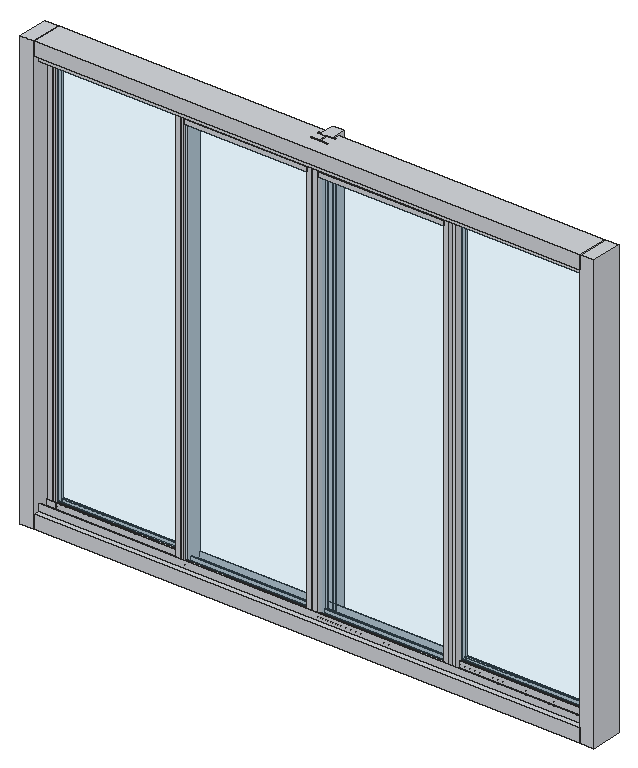
Revit family "View-Max® Commercial Sliding Window_SG&DG- OXXO", category Windows, host Wall, Revit 2021 (continued)
Definition of nested family "Panel 4 VM5 VM3"
  Forms (mm)
    Extrusion 2, solid, material <- "Sash Material"
      sketch origin (0, 0, 0) x (1, 0, 0) y (0, 1, 0)
        loop
          line (552.119, -29.753) -> (552.119, 20.005) -> (540.811, 20.005) -> (540.811, 16.347) -> (512.407, 16.347) -> (512.407, 5.197) -> (523.035, 5.197)
        loop
          line (-552.119, -13.395) -> (-524.207, -13.395) -> (-524.207, -4.739) -> (-535.251, -4.739) -> (-535.251, 4.739) -> (-524.207, 4.739) -> (-524.207, 13.505) -> (-552.119, 13.505) -> (-552.119, -13.395)
      from 0 to 1200
    Extrusion 3, solid, material <- "Sash Material"
      sketch origin (0, 0, 0) x (0, 1, 0) y (0, 0, 1)
        loop
          line (8.029, 1200) -> (-8.12, 1200) -> (-13.595, 1194.524) -> (-13.595, 1179.974) -> (-6.195, 1179.974) -> (-6.195, 1188.074) -> (-11.995, 1188.074) -> (-11.995, 1192.73) -> (-6.325, 1192.73) -> (-6.325, 1198.4) -> (6.235, 1198.4) -> (6.235, 1192.73) -> (11.905, 1192.73) -> (11.905, 1188.074) -> (6.105, 1188.074) -> (6.105, 1179.974) -> (13.505, 1179.974) -> (13.505, 1194.524) -> (8.029, 1200)
        loop
          line (-8.029, 0) -> (8.12, 0) -> (13.595, 5.476) -> (13.595, 20.026) -> (6.195, 20.026) -> (6.195, 11.926) -> (11.995, 11.926) -> (11.995, 7.27) -> (6.325, 7.27) -> (6.325, 1.6) -> (-6.235, 1.6) -> (-6.235, 7.27) -> (-11.905, 7.27) -> (-11.905, 11.926) -> (-6.105, 11.926) -> (-6.105, 20.026) -> (-13.505, 20.026) -> (-13.505, 5.476) -> (-8.029, 0)
      from -534.119 to 522.321
  Lines and regions (mm)
    Masking region 1
      outline origin (0, 0, 0) x (0, 1, 0) y (0, 0, 1)
        loop
          line (8.029, 1200) -> (-8.12, 1200) -> (-13.595, 1194.524) -> (-13.595, 1179.974) -> (-6.195, 1179.974) -> (-6.195, 1188.074) -> (-11.995, 1188.074) -> (-11.995, 1192.73) -> (-6.325, 1192.73) -> (-6.325, 1198.4) -> (6.235, 1198.4) -> (6.235, 1192.73) -> (11.905, 1192.73) -> (11.905, 1188.074) -> (6.105, 1188.074) -> (6.105, 1179.974) -> (13.505, 1179.974) -> (13.505, 1194.524) -> (8.029, 1200)
        loop
          line (-8.029, 0) -> (8.12, 0) -> (13.595, 5.476) -> (13.595, 20.026) -> (6.195, 20.026) -> (6.195, 11.926) -> (11.995, 11.926) -> (11.995, 7.27) -> (6.325, 7.27) -> (6.325, 1.6) -> (-6.235, 1.6) -> (-6.235, 7.27) -> (-11.905, 7.27) -> (-11.905, 11.926) -> (-6.105, 11.926) -> (-6.105, 20.026) -> (-13.505, 20.026) -> (-13.505, 5.476) -> (-8.029, 0)
    Masking region 2
      outline origin (0, 0, 0) x (1, 0, 0) y (0, 1, 0)
        loop
          line (523.035, 5.197) -> (523.035, -5.197) -> (512.407, -5.197) -> (512.407, -29.753)
          arc (512.407, -29.753) -> (532.263, -35.053) -> (552.119, -29.753) r 39.844
          line (552.119, -29.753) -> (552.119, 20.005) -> (540.811, 20.005) -> (540.811, 16.347) -> (512.407, 16.347) -> (512.407, 5.197) -> (523.035, 5.197)
        loop
          line (-552.119, -13.395) -> (-524.207, -13.395) -> (-524.207, -4.739) -> (-535.251, -4.739) -> (-535.251, 4.739) -> (-524.207, 4.739) -> (-524.207, 13.505) -> (-552.119, 13.505) -> (-552.119, -13.395)
  Dimensions and locks
    equal spacing: plane 4, plane 3 "Center (Left/Right)", plane 5
    "Sash Width": plane 4 to plane 5
    "Sash Height": plane 8 to plane 2
    locked: plane 16 to plane 1 "Center (Front/Back)" at 22.5
    locked: plane 17 to plane 16 at 17.2
    equal spacing: plane 18, plane 1 "Center (Front/Back)", plane 19
    "Actual SG Thickness (Manufacturer Controlled)": plane 18 to plane 19
    plane 11 to level = 810.0000 mm
    locked: plane 4 to plane 6 at 18
    locked: plane 6 to plane 12 at 9.912
    locked: plane 13 to plane 7 at 9.914
    locked: plane 7 to plane 5 at 29.798
    locked: plane 8 to plane 15 at 9.851
    locked: plane 15 to plane 9 at 9.976
    locked: plane 10 to plane 14 at 10.076
    locked: plane 14 to level at 9.951
    aligned and locked: level to plane 2
    aligned and locked: Extrusion 1 sketch curve to plane 18
    aligned and locked: Extrusion 1 sketch curve to plane 19
    aligned and locked: Extrusion 1 to plane 6
    aligned and locked: plane 7 to Extrusion 1
    aligned and locked: plane 15 to Extrusion 1
    aligned and locked: Extrusion 1 to plane 14
    aligned and locked: plane 8 to Extrusion 2
    aligned and locked: Extrusion 2 to level
    aligned and locked: nested 1 to level
    aligned and locked: plane 1 "Center (Front/Back)" to nested 1
    aligned and locked: plane 8 to nested 2
    aligned and locked: nested 2 to plane 1 "Center (Front/Back)"
    aligned and locked: Masking region 1 sketch curve to nested 2  (x18)
    aligned and locked: Extrusion 3 sketch curve to nested 2  (x18)
    aligned and locked: Masking region 1 sketch curve to nested 1  (x18)
    aligned and locked: Extrusion 3 sketch curve to nested 1  (x18)
    aligned and locked: plane 7 to Extrusion 3
    aligned and locked: Extrusion 3 to plane 6
    aligned and locked: plane 13 to nested 3
    aligned and locked: nested 3 to plane 1 "Center (Front/Back)"
    aligned and locked: Masking region 2 sketch curve to nested 3  (x10)
    aligned and locked: Extrusion 2 sketch curve to nested 3  (x10)
    aligned and locked: plane 12 to nested 4
    aligned and locked: plane 1 "Center (Front/Back)" to nested 4
    aligned and locked: Masking region 2 sketch curve to nested 4  (x8)
    aligned and locked: Extrusion 2 sketch curve to nested 4  (x8)
  Automatic sketch dimensions
    Extrusion 1 sketch curve to plane 12 = 9.9120 mm
    Extrusion 1 sketch curve to Extrusion 1 sketch curve = 1056.4402 mm
    Masking region 1 sketch curve to plane 8 = 0.0000 mm
    plane 15 to Masking region 1 sketch curve = 4.3750 mm
    Masking region 1 sketch curve to plane 19 = 10.5954 mm
    Masking region 1 sketch curve to Masking region 1 sketch curve = 1.6000 mm  (x4)
    Masking region 1 sketch curve to plane 19 = 5.1198 mm
    Masking region 1 sketch curve to Masking region 1 sketch curve = 1.7944 mm  (x5)
    Masking region 1 sketch curve to plane 19 = 3.1954 mm
    plane 18 to Masking region 1 sketch curve = 3.1046 mm
    plane 18 to Masking region 1 sketch curve = 3.2346 mm
    Masking region 1 sketch curve to plane 8 = 1.6000 mm
    Masking region 1 sketch curve to plane 15 = 2.0758 mm  (x2)
    Masking region 1 sketch curve to Masking region 1 sketch curve = 5.8000 mm  (x2)
    Masking region 1 sketch curve to plane 9 = 0.2000 mm  (x2)
    plane 15 to Masking region 1 sketch curve = 2.5807 mm  (x2)
    Extrusion 3 sketch curve to plane 8 = 0.0000 mm
    Extrusion 3 sketch curve to plane 19 = 10.5954 mm
    plane 15 to Extrusion 3 sketch curve = 4.3750 mm
    Extrusion 3 sketch curve to plane 15 = 2.0758 mm  (x2)
    Extrusion 3 sketch curve to Extrusion 3 sketch curve = 1.6000 mm  (x4)
    Extrusion 3 sketch curve to Extrusion 3 sketch curve = 1.7944 mm  (x5)
    Extrusion 3 sketch curve to plane 19 = 3.3254 mm
    Extrusion 3 sketch curve to plane 19 = 3.1954 mm
    Extrusion 3 sketch curve to plane 9 = 0.2000 mm  (x2)
    plane 18 to Extrusion 3 sketch curve = 3.1046 mm
    plane 18 to Extrusion 3 sketch curve = 3.2346 mm
    Extrusion 3 sketch curve to plane 8 = 1.6000 mm
    Extrusion 3 sketch curve to Extrusion 3 sketch curve = 5.8000 mm  (x2)
    plane 15 to Extrusion 3 sketch curve = 2.5807 mm  (x2)
    Masking region 1 sketch curve to level = 0.0000 mm
    Masking region 1 sketch curve to plane 10 = 0.0000 mm  (x2)
    Masking region 1 sketch curve to plane 14 = 4.4750 mm  (x2)
    Masking region 1 sketch curve to plane 19 = 10.5046 mm
    Masking region 1 sketch curve to plane 19 = 5.0290 mm
    Masking region 1 sketch curve to plane 19 = 3.1046 mm
    plane 18 to Masking region 1 sketch curve = 3.1954 mm
    plane 18 to Masking region 1 sketch curve = 3.3254 mm
    plane 14 to Masking region 1 sketch curve = 1.9758 mm  (x2)
    level to Masking region 1 sketch curve = 1.6000 mm
    Masking region 1 sketch curve to plane 14 = 2.6807 mm  (x2)
    Extrusion 3 sketch curve to plane 10 = 0.0000 mm  (x2)
    Extrusion 3 sketch curve to level = 0.0000 mm
    Extrusion 3 sketch curve to plane 14 = 4.4750 mm  (x2)
    Extrusion 3 sketch curve to plane 19 = 10.5046 mm
    Extrusion 3 sketch curve to plane 19 = 5.0290 mm
    Extrusion 3 sketch curve to plane 19 = 3.1046 mm
    plane 18 to Extrusion 3 sketch curve = 3.1954 mm
    plane 18 to Extrusion 3 sketch curve = 3.3254 mm
    plane 14 to Extrusion 3 sketch curve = 1.9758 mm  (x2)
    level to Extrusion 3 sketch curve = 1.6000 mm
    Extrusion 3 sketch curve to plane 14 = 2.6807 mm  (x2)
    Masking region 2 sketch curve to plane 13 = 0.0000 mm  (x2)
    Masking region 2 sketch curve to plane 5 = 0.0000 mm
    plane 7 to Masking region 2 sketch curve = 0.7135 mm
    Masking region 2 sketch curve to plane 5 = 11.3079 mm
    Masking region 2 sketch curve to plane 19 = 2.1972 mm
    plane 18 to Masking region 2 sketch curve = 2.1972 mm
    Masking region 2 sketch curve to plane 16 = 6.1530 mm
    Masking region 2 sketch curve to plane 16 = 2.4954 mm
    Extrusion 2 sketch curve to plane 13 = 0.0000 mm  (x2)
    Extrusion 2 sketch curve to plane 5 = 0.0000 mm
    plane 7 to Extrusion 2 sketch curve = 0.7135 mm
    Extrusion 2 sketch curve to plane 5 = 11.3079 mm
    Extrusion 2 sketch curve to plane 19 = 2.1972 mm
    plane 18 to Extrusion 2 sketch curve = 2.1972 mm
    Extrusion 2 sketch curve to plane 16 = 6.1530 mm
    Extrusion 2 sketch curve to plane 16 = 2.4954 mm
    Masking region 2 sketch curve to plane 4 = 0.0000 mm
    Masking region 2 sketch curve to plane 12 = 0.0000 mm  (x2)
    Masking region 2 sketch curve to plane 6 = 1.1323 mm
    Masking region 2 sketch curve to plane 19 = 10.3954 mm
    Masking region 2 sketch curve to plane 19 = 1.7394 mm
    plane 18 to Masking region 2 sketch curve = 1.7394 mm
    Masking region 2 sketch curve to Masking region 2 sketch curve = 8.7652 mm
    Extrusion 2 sketch curve to plane 4 = 0.0000 mm
    Extrusion 2 sketch curve to plane 12 = 0.0000 mm  (x2)
    Extrusion 2 sketch curve to plane 6 = 1.1323 mm
    Extrusion 2 sketch curve to plane 19 = 10.3954 mm
    Extrusion 2 sketch curve to plane 19 = 1.7394 mm
    plane 18 to Extrusion 2 sketch curve = 1.7394 mm
    Extrusion 2 sketch curve to Extrusion 2 sketch curve = 8.7652 mm
  Nested families
    nested 1: "VM1" at (0, 0, 20.026) x (0, -1, 0) z (1, 0, 0), type "VM1", detail levels fine
    nested 2: "VM1" at (0, 0, 1179.974) x (0, 1, 0) z (1, 0, 0), type "VM1", detail levels fine
    nested 3: "VM3 x2 length" at (512.407, 0, 0) x (-1, 0, 0) z (0, 0, 1), type "VM3 x2 length", detail levels fine
    nested 4: "VM5" at (-524.207, 0, 0), type "VM5", detail levels fine
  Definition of nested family "VM1"
    Reference planes
      plane 1 "Center (Front/Back)": y = 0
      plane 2: z = 0
      plane 3 "Center (Left/Right)": x = 0
      plane 4: y = 20.026
      plane 5: y = 10.076
    Dimensions and locks
      aligned and locked: plane 1 "Center (Front/Back)" to import instance
      aligned and locked: plane 3 "Center (Left/Right)" to import instance
      aligned and locked: plane 5 to import instance
      aligned and locked: plane 4 to import instance
  Definition of nested family "VM3 x2 length"
    Reference planes
      plane 1 "Center (Front/Back)": y = 0
      plane 2: z = 0
      plane 3 "Center (Left/Right)": x = 0
      plane 4: x = -39.712
      plane 5: x = -10.628
    Dimensions and locks
      aligned and locked: import instance to plane 1 "Center (Front/Back)"
      aligned and locked: import instance to plane 3 "Center (Left/Right)"
      aligned and locked: plane 4 to import instance
      aligned and locked: plane 5 to import instance
  Definition of nested family "VM5"
    Reference planes
      plane 1 "Center (Front/Back)": y = 0
      plane 2: z = 0
      plane 3 "Center (Left/Right)": x = 0
      plane 4: x = -11.044
      plane 5: x = -27.912
    Dimensions and locks
      aligned and locked: import instance to plane 1 "Center (Front/Back)"
      aligned and locked: plane 3 "Center (Left/Right)" to import instance
      aligned and locked: plane 5 to import instance
      aligned and locked: plane 4 to import instance
Definition of nested family "Dg panel 1&4 VM66 VM64"
  Parameters (values of type "Dg panel 1&4 VM66 VM64")
    YEAR = "2022"  # constant formula
    Width = 0.0000 mm  # constant formula
    Thickness Control [instance] = if(Double Glazing Thickness > 28.0000 mm, 28.0000 mm, if(Double Glazing Thickness < 18.0000 mm, 18.0000 mm, Double Glazing Thickness))  # 18.0000 mm
    Thickness = 0.0000 mm  # constant formula
    TODAYS DATE = "30/05/2022"  # constant formula
    Sill Off [instance] = 108.0000 mm  # constant formula
    Sill [instance] = 120.0000 mm  # constant formula
    Sash Width [instance] = 923.5698 mm
    Sash Material [instance] = none
    Rough Width = 0.0000 mm  # constant formula
    Rough Height = 0.0000 mm  # constant formula
    Off DG Head and Sill = 12.0000 mm  # constant formula
    Height [instance] = 1200.0000 mm
    Head Off [instance] = 68.0000 mm  # constant formula
    Head & Sill DG Depth = 93.0000 mm  # constant formula
    Head [instance] = 80.0000 mm  # constant formula
    Glazing Material [instance] = none
    Double Glazing Thickness [instance] = 18.0000 mm
    Double Glazed [instance] = no
    Define Thermal Properties by = 1
    Default Elevation = 1219.2000 mm
    DG Off = 11.0000 mm  # constant formula
    DG Jamb Width = 75.0000 mm  # constant formula
    CREATOR = "Viraj Mhatre"  # constant formula
    COMPANY = "ALSPEC"  # constant formula
    Analytic Construction = "<None>"
    Air Pocket [instance] = 8.0000 mm  # constant formula
  Reference planes
    plane 1 "Center (Front/Back)": y = 0
    plane 2: z = 0
    plane 3 "Center (Left/Right)": x = 0
    plane 4: x = -461.785
    plane 5: x = 422.073
    plane 6: x = -444.985
    plane 7: x = 433.187
    plane 8: z = 1200
    plane 9: z = 1180.174
    plane 10: z = 19.826
    plane 11: z = 900
    plane 12: x = -433.873
    plane 13: x = 461.785
    plane 14: z = 8.65
    plane 15: z = 1191.35
    plane 16: y = 9
    plane 17: y = 4
    plane 18: y = -4
    plane 19: y = -9
  Forms (mm)
    Extrusion 1, solid, material <- "Glazing Material"
      sketch origin (0, 0, 0) x (1, 0, 0) y (0, 1, 0)
        loop
          line (-444.985, 9) -> (-444.985, 4) -> (433.187, 4) -> (433.187, 9) -> (-444.985, 9)
        loop
          line (-444.985, -4) -> (-444.985, -9) -> (433.187, -9) -> (433.187, -4) -> (-444.985, -4)
      from 8.65 to 1191.35
    Extrusion 2, solid, material <- "Sash Material"
      sketch origin (0, 0, 0) x (1, 0, 0) y (0, 1, 0)
        loop
          line (-461.785, -13.395) -> (-433.873, -13.395) -> (-433.873, -9.732) -> (-446.285, -9.732) -> (-446.285, 9.732) -> (-433.873, 9.732) -> (-433.873, 13.505) -> (-461.785, 13.505) -> (-461.785, -13.395)
        loop
          arc (422.073, -29.753) -> (441.929, -35.053) -> (461.785, -29.753) r 39.844
          line (461.785, -29.753) -> (461.785, 20.005) -> (450.477, 20.005) -> (450.477, 16.347) -> (422.073, 16.347) -> (422.073, 9.404) -> (434.585, 9.404) -> (434.585, -9.404) -> (422.073, -9.404) -> (422.073, -29.753)
      from 0 to 1200
    Extrusion 3, solid, material <- "Sash Material"
      sketch origin (0, 0, 0) x (0, 1, 0) y (0, 0, 1)
        loop
          line (-13.495, 1194.583) -> (-13.495, 1180.174) -> (-10, 1180.174) -> (-10, 1192.93) -> (-6.425, 1192.93) -> (-6.425, 1198.6) -> (6.335, 1198.6) -> (6.335, 1192.93) -> (10, 1192.93) -> (10, 1180.174) -> (13.405, 1180.174) -> (13.405, 1194.583) -> (7.988, 1200) -> (-8.078, 1200) -> (-13.495, 1194.583)
        loop
          line (8.078, 0) -> (13.495, 5.417) -> (13.495, 19.826) -> (10, 19.826) -> (10, 7.07) -> (6.425, 7.07) -> (6.425, 1.4) -> (-6.335, 1.4) -> (-6.335, 7.07) -> (-10, 7.07) -> (-10, 19.826) -> (-13.405, 19.826) -> (-13.405, 5.417) -> (-7.988, 0) -> (8.078, 0)
      from -433.873 to 433.187
  Lines and regions (mm)
    Masking region 1
      outline origin (0, 0, 0) x (1, 0, 0) y (0, 1, 0)
        loop
          line (-461.785, -13.395) -> (-433.873, -13.395) -> (-433.873, -9.732) -> (-446.285, -9.732) -> (-446.285, 9.732) -> (-433.873, 9.732) -> (-433.873, 13.505) -> (-461.785, 13.505) -> (-461.785, -13.395)
        loop
          arc (422.073, -29.753) -> (441.929, -35.053) -> (461.785, -29.753) r 39.844
          line (461.785, -29.753) -> (461.785, 20.005) -> (450.477, 20.005) -> (450.477, 16.347) -> (422.073, 16.347) -> (422.073, 9.404) -> (434.585, 9.404) -> (434.585, -9.404) -> (422.073, -9.404) -> (422.073, -29.753)
    Masking region 2
      outline origin (0, 0, 0) x (0, 1, 0) y (0, 0, 1)
        loop
          line (-13.495, 1194.583) -> (-13.495, 1180.174) -> (-10, 1180.174) -> (-10, 1192.93) -> (-6.425, 1192.93) -> (-6.425, 1198.6) -> (6.335, 1198.6) -> (6.335, 1192.93) -> (10, 1192.93) -> (10, 1180.174) -> (13.405, 1180.174) -> (13.405, 1194.583) -> (7.988, 1200) -> (-8.078, 1200) -> (-13.495, 1194.583)
        loop
          line (8.078, 0) -> (13.495, 5.417) -> (13.495, 19.826) -> (10, 19.826) -> (10, 7.07) -> (6.425, 7.07) -> (6.425, 1.4) -> (-6.335, 1.4) -> (-6.335, 7.07) -> (-10, 7.07) -> (-10, 19.826) -> (-13.405, 19.826) -> (-13.405, 5.417) -> (-7.988, 0) -> (8.078, 0)
  Dimensions and locks
    equal spacing: plane 16, plane 1 "Center (Front/Back)", plane 19
    "Thickness Control": plane 16 to plane 19
    equal spacing: plane 17, plane 1 "Center (Front/Back)", plane 18
    "Air Pocket": plane 17 to plane 18
    locked: plane 6 to plane 12 at 11.112
    locked: plane 5 to plane 7 at 11.114
    equal spacing: plane 4, plane 3 "Center (Left/Right)", plane 13
    "Sash Width": plane 4 to plane 13
    "Height": plane 8 to plane 2
    locked: plane 4 to plane 6 at 16.8
    locked: plane 7 to plane 13 at 28.598
    locked: plane 14 to level at 8.65
    locked: plane 10 to plane 14 at 11.176
    plane 8 to plane 15 to plane 9 = 8.6500 mm locked, 11.1764 mm locked
    aligned and locked: level to plane 2
    aligned and locked: Extrusion 1 sketch curve to plane 16
    aligned and locked: Extrusion 1 sketch curve to plane 17
    aligned and locked: Extrusion 1 sketch curve to plane 18
    aligned and locked: Extrusion 1 sketch curve to plane 19
    aligned and locked: Extrusion 1 sketch curve to Extrusion 1 sketch curve  (x2)
    aligned and locked: Extrusion 1 to plane 6
    aligned and locked: plane 7 to Extrusion 1
    aligned and locked: Extrusion 1 to plane 14
    aligned and locked: plane 15 to Extrusion 1
    aligned and locked: Extrusion 2 to level
    aligned and locked: plane 8 to Extrusion 2
    aligned and locked: nested 1 to plane 8
    aligned and locked: nested 1 to plane 1 "Center (Front/Back)"
    aligned and locked: level to nested 2
    aligned and locked: plane 1 "Center (Front/Back)" to nested 2
    aligned and locked: Masking region 2 sketch curve to nested 1  (x14)
    aligned and locked: Extrusion 3 sketch curve to nested 1  (x14)
    aligned and locked: Masking region 2 sketch curve to nested 2  (x14)
    aligned and locked: Extrusion 3 sketch curve to nested 2  (x14)
    aligned and locked: plane 7 to Extrusion 3
    aligned and locked: plane 1 "Center (Front/Back)" to nested 3
    aligned and locked: plane 12 to nested 3
    aligned and locked: Extrusion 3 to plane 12
    aligned and locked: Masking region 1 sketch curve to nested 3  (x8)
    aligned and locked: Extrusion 2 sketch curve to nested 3  (x8)
    aligned and locked: plane 1 "Center (Front/Back)" to nested 4
    aligned and locked: plane 5 to nested 4
    aligned and locked: Masking region 1 sketch curve to nested 4  (x10)
    aligned and locked: Extrusion 2 sketch curve to nested 4  (x10)
  Automatic sketch dimensions
    Extrusion 1 sketch curve to plane 12 = 11.1120 mm
    Extrusion 1 sketch curve to Extrusion 1 sketch curve = 878.1719 mm
    Masking region 2 sketch curve to plane 9 = 0.0000 mm  (x2)
    Masking region 2 sketch curve to plane 19 = 4.4954 mm
    Masking region 2 sketch curve to plane 19 = 1.0000 mm  (x2)
    Masking region 2 sketch curve to plane 18 = 2.4254 mm
    plane 17 to Masking region 2 sketch curve = 2.3346 mm
    plane 16 to Masking region 2 sketch curve = 1.0000 mm  (x2)
    Masking region 2 sketch curve to Masking region 2 sketch curve = 3.4046 mm
    plane 15 to Masking region 2 sketch curve = 1.5800 mm  (x2)
    plane 15 to Masking region 2 sketch curve = 3.2330 mm  (x2)
    Masking region 2 sketch curve to plane 8 = 1.4000 mm
    Masking region 2 sketch curve to plane 16 = 1.0124 mm
    plane 19 to Masking region 2 sketch curve = 0.9216 mm
    Extrusion 3 sketch curve to plane 9 = 0.0000 mm  (x2)
    Extrusion 3 sketch curve to plane 19 = 4.4954 mm
    Extrusion 3 sketch curve to plane 19 = 1.0000 mm  (x2)
    Extrusion 3 sketch curve to plane 18 = 2.4254 mm
    plane 17 to Extrusion 3 sketch curve = 2.3346 mm
    plane 16 to Extrusion 3 sketch curve = 1.0000 mm  (x2)
    Extrusion 3 sketch curve to Extrusion 3 sketch curve = 3.4046 mm
    plane 15 to Extrusion 3 sketch curve = 1.5800 mm  (x2)
    plane 15 to Extrusion 3 sketch curve = 3.2330 mm  (x2)
    Extrusion 3 sketch curve to plane 8 = 1.4000 mm
    plane 19 to Extrusion 3 sketch curve = 0.9216 mm
    Extrusion 3 sketch curve to plane 16 = 1.0124 mm
    Masking region 2 sketch curve to plane 16 = 0.9216 mm
    Masking region 2 sketch curve to plane 14 = 3.2330 mm  (x2)
    plane 19 to Masking region 2 sketch curve = 1.0124 mm
    Masking region 2 sketch curve to plane 19 = 4.4046 mm
    Masking region 2 sketch curve to plane 10 = 0.0000 mm  (x2)
    Masking region 2 sketch curve to Masking region 2 sketch curve = 1.6530 mm  (x2)
    Masking region 2 sketch curve to Masking region 2 sketch curve = 3.4954 mm
    level to Masking region 2 sketch curve = 1.4000 mm
    Masking region 2 sketch curve to plane 14 = 1.5800 mm  (x2)
    Extrusion 3 sketch curve to plane 16 = 0.9216 mm
    plane 16 to Extrusion 3 sketch curve = 4.4954 mm
    Extrusion 3 sketch curve to plane 14 = 3.2330 mm  (x2)
    plane 19 to Extrusion 3 sketch curve = 1.0124 mm
    Extrusion 3 sketch curve to plane 19 = 4.4046 mm
    Extrusion 3 sketch curve to plane 10 = 0.0000 mm  (x2)
    Extrusion 3 sketch curve to Extrusion 3 sketch curve = 1.6530 mm
    plane 17 to Extrusion 3 sketch curve = 2.4254 mm
    level to Extrusion 3 sketch curve = 1.4000 mm
    Extrusion 3 sketch curve to plane 14 = 1.5800 mm  (x2)
    Masking region 1 sketch curve to plane 12 = 0.0000 mm  (x2)
    Masking region 1 sketch curve to plane 6 = 1.2999 mm
    plane 4 to Masking region 1 sketch curve = 0.0001 mm
    Masking region 1 sketch curve to plane 19 = 4.3954 mm
    Masking region 1 sketch curve to plane 19 = 0.7325 mm
    plane 16 to Masking region 1 sketch curve = 0.7325 mm
    Masking region 1 sketch curve to Masking region 1 sketch curve = 3.7720 mm
    Extrusion 2 sketch curve to plane 12 = 0.0000 mm  (x2)
    Extrusion 2 sketch curve to plane 6 = 1.2999 mm
    plane 4 to Extrusion 2 sketch curve = 0.0001 mm
    Extrusion 2 sketch curve to plane 19 = 4.3954 mm
    Extrusion 2 sketch curve to plane 19 = 0.7325 mm
    plane 16 to Extrusion 2 sketch curve = 0.7325 mm
    Extrusion 2 sketch curve to Extrusion 2 sketch curve = 3.7720 mm
    Masking region 1 sketch curve to plane 5 = 0.0000 mm  (x2)
    plane 16 to Masking region 1 sketch curve = 0.4042 mm
    plane 7 to Masking region 1 sketch curve = 1.3979 mm
    Masking region 1 sketch curve to plane 13 = 11.3079 mm
    plane 13 to Masking region 1 sketch curve = 0.0000 mm
    Masking region 1 sketch curve to plane 19 = 0.4042 mm
    Masking region 1 sketch curve to Masking region 1 sketch curve = 6.9428 mm
    Masking region 1 sketch curve to Masking region 1 sketch curve = 3.6576 mm
    Extrusion 2 sketch curve to plane 5 = 0.0000 mm  (x2)
    plane 16 to Extrusion 2 sketch curve = 0.4042 mm
    plane 7 to Extrusion 2 sketch curve = 1.3979 mm
    Extrusion 2 sketch curve to plane 13 = 11.3079 mm
    plane 13 to Extrusion 2 sketch curve = 0.0000 mm
    Extrusion 2 sketch curve to plane 19 = 0.4042 mm
    Extrusion 2 sketch curve to Extrusion 2 sketch curve = 6.9428 mm
    Extrusion 2 sketch curve to Extrusion 2 sketch curve = 3.6576 mm
  Nested families
    nested 1: "VM62" at (0, 0, 1200) x (0, 1, 0) z (1, 0, 0), type "VM62", detail levels fine
    nested 2: "VM62" at (0, 0, 0) x (0, -1, 0) z (1, 0, 0), type "VM62", detail levels fine
    nested 3: "VM66" at (-433.873, 0, 0), type "VM66", detail levels fine
    nested 4: "VM64" at (422.073, 0, 0), type "VM64", detail levels fine
  Definition of nested family "VM62"
    Reference planes
      plane 1 "Center (Front/Back)": y = 0
      plane 2: z = 0
      plane 3 "Center (Left/Right)": x = 0
      plane 4: y = -8.65
      plane 5: y = -19.826
    Dimensions and locks
      aligned and locked: plane 3 "Center (Left/Right)" to import instance
      aligned and locked: import instance to plane 1 "Center (Front/Back)"
      aligned and locked: plane 4 to import instance
      aligned and locked: plane 5 to import instance
  Definition of nested family "VM66"
    Reference planes
      plane 1 "Center (Front/Back)": y = 0
      plane 2: z = 0
      plane 3 "Center (Left/Right)": x = 0
      plane 4: x = -12.412
      plane 5: x = -27.912
    Dimensions and locks
      aligned and locked: import instance to plane 1 "Center (Front/Back)"
      aligned and locked: import instance to plane 3 "Center (Left/Right)"
      aligned and locked: plane 5 to import instance
      aligned and locked: plane 4 to import instance
  Definition of nested family "VM64"
    Reference planes
      plane 1 "Center (Front/Back)": y = 0
      plane 2: z = 0
      plane 3 "Center (Left/Right)": x = 0
      plane 4: x = 12.512
      plane 5: x = 39.712
    Dimensions and locks
      aligned and locked: plane 1 "Center (Front/Back)" to import instance
      aligned and locked: import instance to plane 3 "Center (Left/Right)"
      aligned and locked: plane 4 to import instance
      aligned and locked: plane 5 to import instance
Definition of nested family "Dg panel 2 VM66 VM64"
  Parameters (values of type "Dg panel 2 VM66 VM64")
    YEAR = "2022"  # constant formula
    Width = 0.0000 mm  # constant formula
    Thickness Control [instance] = if(Double Glazing Thickness > 28.0000 mm, 28.0000 mm, if(Double Glazing Thickness < 18.0000 mm, 18.0000 mm, Double Glazing Thickness))  # 18.0000 mm
    Thickness = 0.0000 mm  # constant formula
    TODAYS DATE = "30/05/2022"  # constant formula
    Sill Off [instance] = 108.0000 mm  # constant formula
    Sill [instance] = 120.0000 mm  # constant formula
    Sash Width [instance] = 900.0000 mm
    Sash Material [instance] = none
    Rough Width = 0.0000 mm  # constant formula
    Rough Height = 0.0000 mm  # constant formula
    Off DG Head and Sill = 12.0000 mm  # constant formula
    Height [instance] = 1200.0000 mm
    Head Off [instance] = 68.0000 mm  # constant formula
    Head & Sill DG Depth = 93.0000 mm  # constant formula
    Head [instance] = 80.0000 mm  # constant formula
    Glazing Material [instance] = none
    Double Glazing Thickness [instance] = 18.0000 mm
    Double Glazed [instance] = no
    Define Thermal Properties by = 1
    Default Elevation = 1219.2000 mm
    DG Off = 11.0000 mm  # constant formula
    DG Jamb Width = 75.0000 mm  # constant formula
    CREATOR = "Viraj Mhatre"  # constant formula
    COMPANY = "ALSPEC"  # constant formula
    Analytic Construction = "<None>"
    Air Pocket [instance] = 8.0000 mm  # constant formula
  Reference planes
    plane 1 "Center (Front/Back)": y = 0
    plane 2: z = 0
    plane 3 "Center (Left/Right)": x = 0
    plane 4: x = -450
    plane 5: x = 422.073
    plane 6: x = -433.2
    plane 7: x = 433.187
    plane 8: z = 1200
    plane 9: z = 1180.174
    plane 10: z = 19.826
    plane 11: z = 900
    plane 12: x = -422.088
    plane 13: x = 450
    plane 14: z = 8.65
    plane 15: z = 1191.35
    plane 16: y = 9
    plane 17: y = 4
    plane 18: y = -4
    plane 19: y = -9
  Forms (mm)
    Extrusion 1, solid, material <- "Glazing Material"
      sketch origin (0, 0, 0) x (1, 0, 0) y (0, 1, 0)
        loop
          line (-433.2, 9) -> (-433.2, 4) -> (433.187, 4) -> (433.187, 9) -> (-433.2, 9)
        loop
          line (-433.2, -4) -> (-433.2, -9) -> (433.187, -9) -> (433.187, -4) -> (-433.2, -4)
      from 8.65 to 1191.35
    Extrusion 2, solid, material <- "Sash Material"
      sketch origin (0, 0, 0) x (1, 0, 0) y (0, 1, 0)
        loop
          line (450, -13.395) -> (450, 13.505) -> (433.187, 13.505) -> (433.187, -13.395) -> (450, -13.395)
        loop
          line (-450, -13.395) -> (-422.088, -13.395) -> (-422.088, -9.732) -> (-434.5, -9.732) -> (-434.5, 9.732) -> (-422.088, 9.732) -> (-422.088, 13.505) -> (-450, 13.505) -> (-450, -13.395)
      from 0 to 1200
    Extrusion 3, solid, material <- "Sash Material"
      sketch origin (0, 0, 0) x (0, 1, 0) y (0, 0, 1)
        loop
          line (-13.495, 1194.583) -> (-13.495, 1180.174) -> (-10, 1180.174) -> (-10, 1192.93) -> (-6.425, 1192.93) -> (-6.425, 1198.6) -> (6.335, 1198.6) -> (6.335, 1192.93) -> (10, 1192.93) -> (10, 1180.174) -> (13.405, 1180.174) -> (13.405, 1194.583) -> (7.988, 1200) -> (-8.078, 1200) -> (-13.495, 1194.583)
        loop
          line (8.078, 0) -> (13.495, 5.417) -> (13.495, 19.826) -> (10, 19.826) -> (10, 7.07) -> (6.425, 7.07) -> (6.425, 1.4) -> (-6.335, 1.4) -> (-6.335, 7.07) -> (-10, 7.07) -> (-10, 19.826) -> (-13.405, 19.826) -> (-13.405, 5.417) -> (-7.988, 0) -> (8.078, 0)
      from -422.088 to 433.187
  Lines and regions (mm)
    Masking region 1
      outline origin (0, 0, 0) x (1, 0, 0) y (0, 1, 0)
        loop
          line (450, -13.395) -> (450, 13.505) -> (433.187, 13.505) -> (433.187, -13.395) -> (450, -13.395)
        loop
          line (-450, -13.395) -> (-422.088, -13.395) -> (-422.088, -9.732) -> (-434.5, -9.732) -> (-434.5, 9.732) -> (-422.088, 9.732) -> (-422.088, 13.505) -> (-450, 13.505) -> (-450, -13.395)
    Masking region 2
      outline origin (0, 0, 0) x (0, 1, 0) y (0, 0, 1)
        loop
          line (-13.495, 1194.583) -> (-13.495, 1180.174) -> (-10, 1180.174) -> (-10, 1192.93) -> (-6.425, 1192.93) -> (-6.425, 1198.6) -> (6.335, 1198.6) -> (6.335, 1192.93) -> (10, 1192.93) -> (10, 1180.174) -> (13.405, 1180.174) -> (13.405, 1194.583) -> (7.988, 1200) -> (-8.078, 1200) -> (-13.495, 1194.583)
        loop
          line (8.078, 0) -> (13.495, 5.417) -> (13.495, 19.826) -> (10, 19.826) -> (10, 7.07) -> (6.425, 7.07) -> (6.425, 1.4) -> (-6.335, 1.4) -> (-6.335, 7.07) -> (-10, 7.07) -> (-10, 19.826) -> (-13.405, 19.826) -> (-13.405, 5.417) -> (-7.988, 0) -> (8.078, 0)
  Dimensions and locks
    equal spacing: plane 16, plane 1 "Center (Front/Back)", plane 19
    "Thickness Control": plane 16 to plane 19
    equal spacing: plane 17, plane 1 "Center (Front/Back)", plane 18
    "Air Pocket": plane 17 to plane 18
    locked: plane 6 to plane 12 at 11.112
    locked: plane 5 to plane 7 at 11.114
    equal spacing: plane 4, plane 3 "Center (Left/Right)", plane 13
    "Sash Width": plane 4 to plane 13
    "Height": plane 8 to plane 2
    locked: plane 4 to plane 6 at 16.8
    locked: plane 7 to plane 13 at 16.813
    locked: plane 14 to level at 8.65
    locked: plane 10 to plane 14 at 11.176
    plane 8 to plane 15 to plane 9 = 8.6500 mm locked, 11.1764 mm locked
    aligned and locked: level to plane 2
    aligned and locked: Extrusion 1 sketch curve to plane 16
    aligned and locked: Extrusion 1 sketch curve to plane 17
    aligned and locked: Extrusion 1 sketch curve to plane 18
    aligned and locked: Extrusion 1 sketch curve to plane 19
    aligned and locked: Extrusion 1 sketch curve to Extrusion 1 sketch curve  (x2)
    aligned and locked: Extrusion 1 to plane 6
    aligned and locked: plane 7 to Extrusion 1
    aligned and locked: Extrusion 1 to plane 14
    aligned and locked: plane 15 to Extrusion 1
    aligned and locked: Extrusion 2 to level
    aligned and locked: plane 8 to Extrusion 2
    aligned and locked: plane 1 "Center (Front/Back)" to nested 1
    aligned and locked: plane 5 to nested 1
    aligned and locked: nested 1 to Masking region 1 sketch curve
    aligned and locked: Masking region 1 sketch curve to nested 1
    aligned and locked: Extrusion 2 sketch curve to nested 1
    aligned and locked: nested 1 to Extrusion 2 sketch curve
    aligned and locked: Extrusion 2 sketch curve to plane 7
    aligned and locked: Masking region 1 sketch curve to plane 7
    aligned and locked: nested 2 to plane 8
    aligned and locked: nested 2 to plane 1 "Center (Front/Back)"
    aligned and locked: level to nested 3
    aligned and locked: plane 1 "Center (Front/Back)" to nested 3
    aligned and locked: Masking region 2 sketch curve to nested 2  (x14)
    aligned and locked: Extrusion 3 sketch curve to nested 2  (x14)
    aligned and locked: Masking region 2 sketch curve to nested 3  (x14)
    aligned and locked: Extrusion 3 sketch curve to nested 3  (x14)
    aligned and locked: plane 7 to Extrusion 3
    aligned and locked: plane 1 "Center (Front/Back)" to nested 4
    aligned and locked: plane 12 to nested 4
    aligned and locked: Extrusion 3 to plane 12
    aligned and locked: Masking region 1 sketch curve to nested 4  (x8)
    aligned and locked: Extrusion 2 sketch curve to nested 4  (x8)
  Automatic sketch dimensions
    Extrusion 1 sketch curve to plane 12 = 11.1120 mm
    Extrusion 1 sketch curve to Extrusion 1 sketch curve = 866.3869 mm
    plane 16 to Extrusion 2 sketch curve = 4.5045 mm
    plane 16 to Masking region 1 sketch curve = 4.5045 mm
    Masking region 2 sketch curve to plane 9 = 0.0000 mm  (x2)
    Masking region 2 sketch curve to plane 19 = 4.4954 mm
    Masking region 2 sketch curve to plane 19 = 1.0000 mm  (x2)
    Masking region 2 sketch curve to plane 18 = 2.4254 mm
    plane 17 to Masking region 2 sketch curve = 2.3346 mm
    plane 16 to Masking region 2 sketch curve = 1.0000 mm  (x2)
    Masking region 2 sketch curve to Masking region 2 sketch curve = 3.4046 mm
    plane 15 to Masking region 2 sketch curve = 1.5800 mm  (x2)
    plane 15 to Masking region 2 sketch curve = 3.2330 mm  (x2)
    Masking region 2 sketch curve to plane 8 = 1.4000 mm
    Masking region 2 sketch curve to plane 16 = 1.0124 mm
    plane 19 to Masking region 2 sketch curve = 0.9216 mm
    Extrusion 3 sketch curve to plane 9 = 0.0000 mm  (x2)
    Extrusion 3 sketch curve to plane 19 = 4.4954 mm
    Extrusion 3 sketch curve to plane 19 = 1.0000 mm  (x2)
    Extrusion 3 sketch curve to plane 18 = 2.4254 mm
    plane 17 to Extrusion 3 sketch curve = 2.3346 mm
    plane 16 to Extrusion 3 sketch curve = 1.0000 mm  (x2)
    Extrusion 3 sketch curve to Extrusion 3 sketch curve = 3.4046 mm
    plane 15 to Extrusion 3 sketch curve = 1.5800 mm  (x2)
    plane 15 to Extrusion 3 sketch curve = 3.2330 mm  (x2)
    Extrusion 3 sketch curve to plane 8 = 1.4000 mm
    plane 19 to Extrusion 3 sketch curve = 0.9216 mm
    Extrusion 3 sketch curve to plane 16 = 1.0124 mm
    Masking region 2 sketch curve to plane 16 = 0.9216 mm
    Masking region 2 sketch curve to plane 14 = 3.2330 mm  (x2)
    plane 19 to Masking region 2 sketch curve = 1.0124 mm
    Masking region 2 sketch curve to plane 19 = 4.4046 mm
    Masking region 2 sketch curve to plane 10 = 0.0000 mm  (x2)
    Masking region 2 sketch curve to Masking region 2 sketch curve = 1.6530 mm  (x2)
    Masking region 2 sketch curve to Masking region 2 sketch curve = 3.4954 mm
    level to Masking region 2 sketch curve = 1.4000 mm
    Masking region 2 sketch curve to plane 14 = 1.5800 mm  (x2)
    Extrusion 3 sketch curve to plane 16 = 0.9216 mm
    plane 16 to Extrusion 3 sketch curve = 4.4954 mm
    Extrusion 3 sketch curve to plane 14 = 3.2330 mm  (x2)
    plane 19 to Extrusion 3 sketch curve = 1.0124 mm
    Extrusion 3 sketch curve to plane 19 = 4.4046 mm
    Extrusion 3 sketch curve to plane 10 = 0.0000 mm  (x2)
    Extrusion 3 sketch curve to Extrusion 3 sketch curve = 1.6530 mm
    plane 17 to Extrusion 3 sketch curve = 2.4254 mm
    level to Extrusion 3 sketch curve = 1.4000 mm
    Extrusion 3 sketch curve to plane 14 = 1.5800 mm  (x2)
    Masking region 1 sketch curve to plane 12 = 0.0000 mm  (x2)
    Masking region 1 sketch curve to plane 6 = 1.2999 mm
    plane 4 to Masking region 1 sketch curve = 0.0001 mm
    Masking region 1 sketch curve to plane 19 = 4.3954 mm
    Masking region 1 sketch curve to plane 19 = 0.7325 mm
    plane 16 to Masking region 1 sketch curve = 0.7325 mm
    Masking region 1 sketch curve to Masking region 1 sketch curve = 3.7720 mm
    Extrusion 2 sketch curve to plane 12 = 0.0000 mm  (x2)
    Extrusion 2 sketch curve to plane 6 = 1.2999 mm
    plane 4 to Extrusion 2 sketch curve = 0.0001 mm
    Extrusion 2 sketch curve to plane 19 = 4.3954 mm
    Extrusion 2 sketch curve to plane 19 = 0.7325 mm
    plane 16 to Extrusion 2 sketch curve = 0.7325 mm
    Extrusion 2 sketch curve to Extrusion 2 sketch curve = 3.7720 mm
  Nested families
    nested 1: "VM64" at (422.073, 0, 0), type "VM64", detail levels fine
    nested 2: "VM62" at (0, 0, 1200) x (0, 1, 0) z (1, 0, 0), type "VM62", detail levels fine
    nested 3: "VM62" at (0, 0, 0) x (0, -1, 0) z (1, 0, 0), type "VM62", detail levels fine
    nested 4: "VM66" at (-422.088, 0, 0), type "VM66", detail levels fine
  Definition of nested family "VM64"
    Reference planes
      plane 1 "Center (Front/Back)": y = 0
      plane 2: z = 0
      plane 3 "Center (Left/Right)": x = 0
      plane 4: x = 27.927
      plane 5: x = 11.114
    Dimensions and locks
      aligned and locked: plane 1 "Center (Front/Back)" to import instance
      aligned and locked: plane 3 "Center (Left/Right)" to import instance
      aligned and locked: plane 4 to import instance
      aligned and locked: plane 5 to import instance
  Definition of nested family "VM62"
    Reference planes
      plane 1 "Center (Front/Back)": y = 0
      plane 2: z = 0
      plane 3 "Center (Left/Right)": x = 0
      plane 4: y = -8.65
      plane 5: y = -19.826
    Dimensions and locks
      aligned and locked: plane 3 "Center (Left/Right)" to import instance
      aligned and locked: import instance to plane 1 "Center (Front/Back)"
      aligned and locked: plane 4 to import instance
      aligned and locked: plane 5 to import instance
  Definition of nested family "VM66"
    Reference planes
      plane 1 "Center (Front/Back)": y = 0
      plane 2: z = 0
      plane 3 "Center (Left/Right)": x = 0
      plane 4: x = -12.412
      plane 5: x = -27.912
    Dimensions and locks
      aligned and locked: import instance to plane 1 "Center (Front/Back)"
      aligned and locked: import instance to plane 3 "Center (Left/Right)"
      aligned and locked: plane 5 to import instance
      aligned and locked: plane 4 to import instance
Definition of nested family "Dg panel 3 VM63 VM64"
  Parameters (values of type "Dg panel 3 VM63 VM64")
    YEAR = "2022"  # constant formula
    Width = 0.0000 mm  # constant formula
    Thickness Control [instance] = if(Double Glazing Thickness > 28.0000 mm, 28.0000 mm, if(Double Glazing Thickness < 18.0000 mm, 18.0000 mm, Double Glazing Thickness))  # 18.0000 mm
    Thickness = 0.0000 mm  # constant formula
    TODAYS DATE = "30/05/2022"  # constant formula
    Sill Off [instance] = 108.0000 mm  # constant formula
    Sill [instance] = 120.0000 mm  # constant formula
    Sash Width [instance] = 900.0000 mm
    Sash Material [instance] = none
    Rough Width = 0.0000 mm  # constant formula
    Rough Height = 0.0000 mm  # constant formula
    Off DG Head and Sill = 12.0000 mm  # constant formula
    Height [instance] = 1200.0000 mm
    Head Off [instance] = 68.0000 mm  # constant formula
    Head & Sill DG Depth = 93.0000 mm  # constant formula
    Head [instance] = 80.0000 mm  # constant formula
    Glazing Material [instance] = none
    Double Glazing Thickness [instance] = 18.0000 mm
    Double Glazed [instance] = no
    Define Thermal Properties by = 1
    Default Elevation = 1219.2000 mm
    DG Off = 11.0000 mm  # constant formula
    DG Jamb Width = 75.0000 mm  # constant formula
    CREATOR = "Viraj Mhatre"  # constant formula
    COMPANY = "ALSPEC"  # constant formula
    Analytic Construction = "<None>"
    Air Pocket [instance] = 8.0000 mm  # constant formula
  Reference planes
    plane 1 "Center (Front/Back)": y = 0
    plane 2: z = 0
    plane 3 "Center (Left/Right)": x = 0
    plane 4: x = -450
    plane 5: x = 422.073
    plane 6: x = -433.2
    plane 7: x = 433.187
    plane 8: z = 1200
    plane 9: z = 1180.174
    plane 10: z = 19.826
    plane 11: z = 900
    plane 12: x = -422.088
    plane 13: x = 450
    plane 14: z = 8.65
    plane 15: z = 1191.35
    plane 16: y = 9
    plane 17: y = 4
    plane 18: y = -4
    plane 19: y = -9
  Forms (mm)
    Extrusion 1, solid, material <- "Glazing Material"
      sketch origin (0, 0, 0) x (1, 0, 0) y (0, 1, 0)
        loop
          line (-433.2, 9) -> (-433.2, 4) -> (433.187, 4) -> (433.187, 9) -> (-433.2, 9)
        loop
          line (-433.2, -4) -> (-433.2, -9) -> (433.187, -9) -> (433.187, -4) -> (-433.2, -4)
      from 8.65 to 1191.35
    Extrusion 2, solid, material <- "Sash Material"
      sketch origin (0, 0, 0) x (1, 0, 0) y (0, 1, 0)
        loop
          line (-450, -13.395) -> (-433.2, -13.395) -> (-433.2, 13.505) -> (-450, 13.505) -> (-450, -13.395)
        loop
          line (450, -13.395) -> (450, 13.505) -> (433.187, 13.505) -> (433.187, -13.395) -> (450, -13.395)
      from 0 to 1200
    Extrusion 3, solid, material <- "Sash Material"
      sketch origin (0, 0, 0) x (0, 1, 0) y (0, 0, 1)
        loop
          line (-13.495, 1194.583) -> (-13.495, 1180.174) -> (-10, 1180.174) -> (-10, 1192.93) -> (-6.425, 1192.93) -> (-6.425, 1198.6) -> (6.335, 1198.6) -> (6.335, 1192.93) -> (10, 1192.93) -> (10, 1180.174) -> (13.405, 1180.174) -> (13.405, 1194.583) -> (7.988, 1200) -> (-8.078, 1200) -> (-13.495, 1194.583)
        loop
          line (8.078, 0) -> (13.495, 5.417) -> (13.495, 19.826) -> (10, 19.826) -> (10, 7.07) -> (6.425, 7.07) -> (6.425, 1.4) -> (-6.335, 1.4) -> (-6.335, 7.07) -> (-10, 7.07) -> (-10, 19.826) -> (-13.405, 19.826) -> (-13.405, 5.417) -> (-7.988, 0) -> (8.078, 0)
      from -433.2 to 433.187
  Lines and regions (mm)
    Masking region 1
      outline origin (0, 0, 0) x (1, 0, 0) y (0, 1, 0)
        loop
          line (-450, -13.395) -> (-433.2, -13.395) -> (-433.2, 13.505) -> (-450, 13.505) -> (-450, -13.395)
        loop
          line (450, -13.395) -> (450, 13.505) -> (433.187, 13.505) -> (433.187, -13.395) -> (450, -13.395)
    Masking region 2
      outline origin (0, 0, 0) x (0, 1, 0) y (0, 0, 1)
        loop
          line (-13.495, 1194.583) -> (-13.495, 1180.174) -> (-10, 1180.174) -> (-10, 1192.93) -> (-6.425, 1192.93) -> (-6.425, 1198.6) -> (6.335, 1198.6) -> (6.335, 1192.93) -> (10, 1192.93) -> (10, 1180.174) -> (13.405, 1180.174) -> (13.405, 1194.583) -> (7.988, 1200) -> (-8.078, 1200) -> (-13.495, 1194.583)
        loop
          line (8.078, 0) -> (13.495, 5.417) -> (13.495, 19.826) -> (10, 19.826) -> (10, 7.07) -> (6.425, 7.07) -> (6.425, 1.4) -> (-6.335, 1.4) -> (-6.335, 7.07) -> (-10, 7.07) -> (-10, 19.826) -> (-13.405, 19.826) -> (-13.405, 5.417) -> (-7.988, 0) -> (8.078, 0)
  Dimensions and locks
    equal spacing: plane 16, plane 1 "Center (Front/Back)", plane 19
    "Thickness Control": plane 16 to plane 19
    equal spacing: plane 17, plane 1 "Center (Front/Back)", plane 18
    "Air Pocket": plane 17 to plane 18
    locked: plane 6 to plane 12 at 11.112
    locked: plane 5 to plane 7 at 11.114
    equal spacing: plane 4, plane 3 "Center (Left/Right)", plane 13
    "Sash Width": plane 4 to plane 13
    "Height": plane 8 to plane 2
    locked: plane 4 to plane 6 at 16.8
    locked: plane 7 to plane 13 at 16.813
    locked: plane 14 to level at 8.65
    locked: plane 10 to plane 14 at 11.176
    plane 8 to plane 15 to plane 9 = 8.6500 mm locked, 11.1764 mm locked
    aligned and locked: level to plane 2
    aligned and locked: Extrusion 1 sketch curve to plane 16
    aligned and locked: Extrusion 1 sketch curve to plane 17
    aligned and locked: Extrusion 1 sketch curve to plane 18
    aligned and locked: Extrusion 1 sketch curve to plane 19
    aligned and locked: Extrusion 1 sketch curve to Extrusion 1 sketch curve  (x2)
    aligned and locked: Extrusion 1 to plane 6
    aligned and locked: plane 7 to Extrusion 1
    aligned and locked: Extrusion 1 to plane 14
    aligned and locked: plane 15 to Extrusion 1
    aligned and locked: Extrusion 2 to level
    aligned and locked: plane 8 to Extrusion 2
    aligned and locked: plane 1 "Center (Front/Back)" to nested 1
    aligned and locked: plane 12 to nested 1
    aligned and locked: Masking region 1 sketch curve to nested 1  (x3)
    aligned and locked: Extrusion 2 sketch curve to Masking region 1  (x4)
    aligned and locked: plane 6 to Masking region 1 sketch curve
    aligned and locked: plane 1 "Center (Front/Back)" to nested 2
    aligned and locked: plane 5 to nested 2
    aligned and locked: nested 2 to Masking region 1 sketch curve
    aligned and locked: Masking region 1 sketch curve to nested 2
    aligned and locked: Extrusion 2 sketch curve to nested 2
    aligned and locked: nested 2 to Extrusion 2 sketch curve
    aligned and locked: Extrusion 2 sketch curve to plane 7
    aligned and locked: Masking region 1 sketch curve to plane 7
    aligned and locked: nested 3 to plane 8
    aligned and locked: nested 3 to plane 1 "Center (Front/Back)"
    aligned and locked: level to nested 4
    aligned and locked: plane 1 "Center (Front/Back)" to nested 4
    aligned and locked: Masking region 2 sketch curve to nested 3  (x14)
    aligned and locked: Extrusion 3 sketch curve to nested 3  (x14)
    aligned and locked: Masking region 2 sketch curve to nested 4  (x14)
    aligned and locked: Extrusion 3 sketch curve to nested 4  (x14)
    aligned and locked: Extrusion 3 to plane 6
    aligned and locked: plane 7 to Extrusion 3
  Automatic sketch dimensions
    Extrusion 1 sketch curve to plane 12 = 11.1120 mm
    Extrusion 1 sketch curve to Extrusion 1 sketch curve = 866.3869 mm
    Masking region 1 sketch curve to plane 4 = 0.0000 mm
    Masking region 1 sketch curve to plane 19 = 4.3954 mm
    plane 16 to Masking region 1 sketch curve = 4.5046 mm
    plane 16 to Extrusion 2 sketch curve = 4.5045 mm
    plane 16 to Masking region 1 sketch curve = 4.5045 mm
    Masking region 2 sketch curve to plane 9 = 0.0000 mm  (x2)
    Masking region 2 sketch curve to plane 19 = 4.4954 mm
    Masking region 2 sketch curve to plane 19 = 1.0000 mm  (x2)
    Masking region 2 sketch curve to plane 18 = 2.4254 mm
    plane 17 to Masking region 2 sketch curve = 2.3346 mm
    plane 16 to Masking region 2 sketch curve = 1.0000 mm  (x2)
    Masking region 2 sketch curve to Masking region 2 sketch curve = 3.4046 mm
    plane 15 to Masking region 2 sketch curve = 1.5800 mm  (x2)
    plane 15 to Masking region 2 sketch curve = 3.2330 mm  (x2)
    Masking region 2 sketch curve to plane 8 = 1.4000 mm
    Masking region 2 sketch curve to plane 16 = 1.0124 mm
    plane 19 to Masking region 2 sketch curve = 0.9216 mm
    Extrusion 3 sketch curve to plane 9 = 0.0000 mm  (x2)
    Extrusion 3 sketch curve to plane 19 = 4.4954 mm
    Extrusion 3 sketch curve to plane 19 = 1.0000 mm  (x2)
    Extrusion 3 sketch curve to plane 18 = 2.4254 mm
    plane 17 to Extrusion 3 sketch curve = 2.3346 mm
    plane 16 to Extrusion 3 sketch curve = 1.0000 mm  (x2)
    Extrusion 3 sketch curve to Extrusion 3 sketch curve = 3.4046 mm
    plane 15 to Extrusion 3 sketch curve = 1.5800 mm  (x2)
    plane 15 to Extrusion 3 sketch curve = 3.2330 mm  (x2)
    Extrusion 3 sketch curve to plane 8 = 1.4000 mm
    plane 19 to Extrusion 3 sketch curve = 0.9216 mm
    Extrusion 3 sketch curve to plane 16 = 1.0124 mm
    Masking region 2 sketch curve to plane 16 = 0.9216 mm
    Masking region 2 sketch curve to plane 14 = 3.2330 mm  (x2)
    plane 19 to Masking region 2 sketch curve = 1.0124 mm
    Masking region 2 sketch curve to plane 19 = 4.4046 mm
    Masking region 2 sketch curve to plane 10 = 0.0000 mm  (x2)
    Masking region 2 sketch curve to Masking region 2 sketch curve = 1.6530 mm  (x2)
    Masking region 2 sketch curve to Masking region 2 sketch curve = 3.4954 mm
    level to Masking region 2 sketch curve = 1.4000 mm
    Masking region 2 sketch curve to plane 14 = 1.5800 mm  (x2)
    Extrusion 3 sketch curve to plane 16 = 0.9216 mm
    plane 16 to Extrusion 3 sketch curve = 4.4954 mm
    Extrusion 3 sketch curve to plane 14 = 3.2330 mm  (x2)
    plane 19 to Extrusion 3 sketch curve = 1.0124 mm
    Extrusion 3 sketch curve to plane 19 = 4.4046 mm
    Extrusion 3 sketch curve to plane 10 = 0.0000 mm  (x2)
    Extrusion 3 sketch curve to Extrusion 3 sketch curve = 1.6530 mm
    plane 17 to Extrusion 3 sketch curve = 2.4254 mm
    level to Extrusion 3 sketch curve = 1.4000 mm
    Extrusion 3 sketch curve to plane 14 = 1.5800 mm  (x2)
  Nested families
    nested 1: "VM63" at (-433.2, 0, 0), type "VM63", detail levels fine
    nested 2: "VM64" at (422.073, 0, 0), type "VM64", detail levels fine
    nested 3: "VM62" at (0, 0, 1200) x (0, 1, 0) z (1, 0, 0), type "VM62", detail levels fine
    nested 4: "VM62" at (0, 0, 0) x (0, -1, 0) z (1, 0, 0), type "VM62", detail levels fine
  Definition of nested family "VM63"
    Reference planes
      plane 1 "Center (Front/Back)": y = 0
      plane 2: z = 0
      plane 3 "Center (Left/Right)": x = 0
      plane 4: x = -16.8
    Dimensions and locks
      aligned and locked: import instance to plane 1 "Center (Front/Back)"
      aligned and locked: import instance to plane 3 "Center (Left/Right)"
      aligned and locked: plane 4 to import instance
  Definition of nested family "VM64"
    Reference planes
      plane 1 "Center (Front/Back)": y = 0
      plane 2: z = 0
      plane 3 "Center (Left/Right)": x = 0
      plane 4: x = 27.927
      plane 5: x = 11.114
    Dimensions and locks
      aligned and locked: plane 1 "Center (Front/Back)" to import instance
      aligned and locked: plane 3 "Center (Left/Right)" to import instance
      aligned and locked: plane 4 to import instance
      aligned and locked: plane 5 to import instance
  Definition of nested family "VM62"
    Reference planes
      plane 1 "Center (Front/Back)": y = 0
      plane 2: z = 0
      plane 3 "Center (Left/Right)": x = 0
      plane 4: y = -8.65
      plane 5: y = -19.826
    Dimensions and locks
      aligned and locked: plane 3 "Center (Left/Right)" to import instance
      aligned and locked: import instance to plane 1 "Center (Front/Back)"
      aligned and locked: plane 4 to import instance
      aligned and locked: plane 5 to import instance
Definition of nested family "DETAIL_ARROW2"
  Reference planes
    plane 1 "Center (Front/Back)": y = 0
    plane 2: z = 0
    plane 3 "Center (Left/Right)": x = 0
    plane 4: y = 0
    plane 5: y = 140.838
    plane 6: x = 0
    plane 7: y = 140.838
    plane 8: x = 98.638
  Lines and regions (mm)
    detail lines, in view "Ref. Level"
      curve 1: line (-50.444, 6.6, 0) -> (15.556, 6.6, 0)
      curve 2: line (-50.444, -6.6, 0) -> (15.556, -6.6, 0)
      curve 3: line (-50.444, -6.6, 0) -> (-50.444, 6.6, 0)
      curve 4: line (15.556, 6.6, 0) -> (0, 22.156, 0)
      curve 5: line (15.556, -6.6, 0) -> (0, -22.156, 0)
      curve 6: line (40.824, 0, 0) -> (9.334, -31.49, 0)
      curve 7: line (40.824, 0, 0) -> (9.334, 31.49, 0)
      curve 8: line (0, 22.156, 0) -> (9.334, 31.49, 0)
      curve 9: line (0, -22.156, 0) -> (9.334, -31.49, 0)
    detail lines, in view "Ref. Level", not visible
      curve 10: line (48.194, 147.438, 0) -> (114.194, 147.438, 0)
      curve 11: line (48.194, 134.238, 0) -> (114.194, 134.238, 0)
      curve 12: line (48.194, 134.238, 0) -> (48.194, 147.438, 0)
      curve 13: line (114.194, 147.438, 0) -> (98.638, 162.994, 0)
      curve 14: line (114.194, 134.238, 0) -> (98.638, 118.681, 0)
      curve 15: line (139.462, 140.838, 0) -> (107.972, 109.347, 0)
      curve 16: line (139.462, 140.838, 0) -> (107.972, 172.328, 0)
      curve 17: line (98.638, 162.994, 0) -> (107.972, 172.328, 0)
      curve 18: line (98.638, 118.681, 0) -> (107.972, 109.347, 0)
      curve 19: line (48.194, 147.438, 0) -> (114.194, 147.438, 0)
      curve 20: line (48.194, 134.238, 0) -> (114.194, 134.238, 0)
      curve 21: line (48.194, 134.238, 0) -> (48.194, 147.438, 0)
      curve 22: line (114.194, 147.438, 0) -> (98.638, 162.994, 0)
      curve 23: line (114.194, 134.238, 0) -> (98.638, 118.681, 0)
      curve 24: line (139.462, 140.838, 0) -> (107.972, 109.347, 0)
      curve 25: line (139.462, 140.838, 0) -> (107.972, 172.328, 0)
      curve 26: line (98.638, 162.994, 0) -> (107.972, 172.328, 0)
      curve 27: line (98.638, 118.681, 0) -> (107.972, 109.347, 0)
  Dimensions and locks
    aligned and locked: plane 4 to plane 1 "Center (Front/Back)"
    aligned and locked: plane 3 "Center (Left/Right)" to plane 6
Definition of nested family "DETAIL_ARROW"
  Reference planes
    plane 1 "Center (Front/Back)": y = 0
    plane 2: z = 0
    plane 3 "Center (Left/Right)": x = 0
  Lines and regions (mm)
    detail lines, in view "Ref. Level"
      curve 1: line (-50, 10, 0) -> (50, 10, 0)
      curve 2: line (-50, -10, 0) -> (50, -10, 0)
      curve 3: line (-50, -10, 0) -> (-50, 10, 0)
      curve 4: line (50, 10, 0) -> (26.43, 33.57, 0)
      curve 5: line (50, -10, 0) -> (26.43, -33.57, 0)
      curve 6: line (88.284, 0, 0) -> (40.572, -47.712, 0)
      curve 7: line (88.284, 0, 0) -> (40.572, 47.712, 0)
      curve 8: line (26.43, 33.57, 0) -> (40.572, 47.712, 0)
      curve 9: line (26.43, -33.57, 0) -> (40.572, -47.712, 0)
Definition of nested family "Ext frame ME1 VM75"
  Reference planes
    plane 1 "Center (Front/Back)": y = 0
    plane 2: z = 0
    plane 3 "Center (Left/Right)": x = 0
    plane 4: x = 44.5
    plane 5: x = 48
    plane 6: y = 15.749
    plane 7: y = -15.753
  Dimensions and locks
    aligned and locked: plane 1 "Center (Front/Back)" to import instance
    aligned and locked: import instance to plane 3 "Center (Left/Right)"
    aligned and locked: plane 6 to import instance
    aligned and locked: plane 7 to import instance
    aligned and locked: plane 5 to import instance
    aligned and locked: plane 4 to import instance
Definition of nested family "Ext Head"
  Reference planes
    plane 1 "Center (Front/Back)": y = 0
    plane 2: z = 0
    plane 3 "Center (Left/Right)": x = 0
    plane 4: x = 31.502
    plane 5: y = -48.001
    plane 6: y = -68
  Dimensions and locks
    aligned and locked: import instance to plane 1 "Center (Front/Back)"
    aligned and locked: import instance to plane 3 "Center (Left/Right)"
    aligned and locked: plane 4 to import instance
    aligned and locked: plane 6 to import instance
    aligned and locked: plane 5 to import instance
Definition of nested family "Ext Sill"
  Reference planes
    plane 1 "Center (Front/Back)": y = 0
    plane 2: z = 0
    plane 3 "Center (Left/Right)": x = 0
    plane 4: x = 31.502
    plane 5: y = 67
    plane 6: y = 47.302
  Dimensions and locks
    aligned and locked: plane 1 "Center (Front/Back)" to import instance
    aligned and locked: import instance to plane 3 "Center (Left/Right)"
    aligned and locked: plane 4 to import instance
    aligned and locked: plane 6 to import instance
    aligned and locked: plane 5 to import instance
Definition of nested family "VM18"
  Reference planes
    plane 1 "Center (Front/Back)": y = 0
    plane 2: z = 0
    plane 3 "Center (Left/Right)": x = 0
    plane 4: x = 4
    plane 5: x = -26.928
    plane 6: x = 30.898
  Dimensions and locks
    aligned and locked: import instance to plane 1 "Center (Front/Back)"
    aligned and locked: plane 3 "Center (Left/Right)" to import instance
    aligned and locked: plane 4 to import instance
    aligned and locked: plane 6 to import instance
    aligned and locked: plane 5 to import instance
